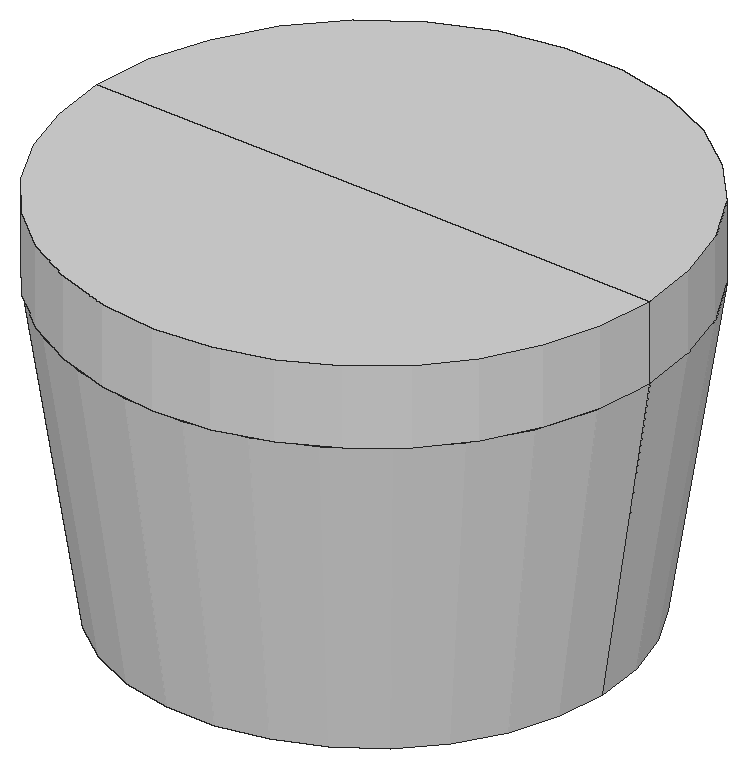
Revit family "EV_PLUG 30_9372785", category Modelos genéricos, Revit 2018
Family settings
  Puede alojar armadura = No
  Cota de conector redondo = Diámetro de uso
  Tipo de pieza = Normal
  Número OmniClass = 35.51.14.00
  Título OmniClass = FORMWORK
  Se basa en plano de trabajo = Sí
  Siempre vertical = No
  Corte con vacíos al cargar = No
  Compartido = Sí
  Punto de cálculo de habitación = No
Parameters
  VERSION = "20170217"  # constant formula
  URL = "www.ulmaconstruction.com/en"
  UNICLASS = ""
  Fabricante = "ULMA CONSTRUCTION"  # constant formula
  ITEM_CODE = "9372785"
  FILTER [instance] = ""
  Default Elevation = 0.000 mm
  CLASSIFICATION_TITLE = ""
  CLASSIFICATION_NUMBER = ""
Reference planes
  plane 1 "Centro (Frontal/Posterior)": y = 0
  plane 2: z = 0
  plane 3 "Centro (Izquierda/Derecha)": x = 0
Forms (mm)
  Revolve 1, solid, material "ULMA PLASTIC GRAY", detail levels medium+fine
    sketch origin (0, 0, 0) x (1, 0, 0) y (0, 0, 1)
      loop
        arc (-11, -4.5) -> (-10.414, -3.086) -> (-9, -2.5) r 2
        line (-9, -2.5) -> (0, -2.5) -> (0, 0) -> (-15, 0) -> (-15, -4) -> (-12.492, -20) -> (-11, -20) -> (-11, -4.5)
      axis (0, 0) -> (0, -20)
    angle from 0 to 360
Dimensions and locks
  aligned and locked: level to plane 2
